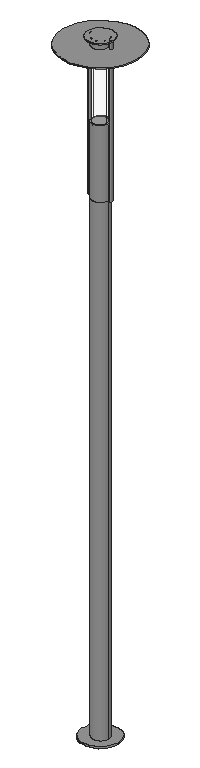
Revit family "svetilnik_alfresco_strit-a_dtu-07_os", category Lighting Fixtures, Revit 2016
Family settings
  Part Type = Normal
  Round Connector Dimension = Use Diameter
  Work Plane-Based = No
  Always vertical = Yes
  Cut with Voids When Loaded = No
  Light Source = Yes
  Shared = No
  Room Calculation Point = No
Parameters (values of type "Стрит А (ДТУ-07, ОС) 35Вт")
  Watermarked By = ""
  built-in parameter 1150104 = 13.8 (stored number, unit not read)
  Цветовая температура = "3000-5500"  # constant formula
  built-in parameter 1150134 = 12
  Photometric Web File = "ДТУ-07-AF Street A 35w.ies"
  Tilt Angle = 90.00°
  Тип продукции = "Комплект(Опора освещения+LED светильник)"  # constant formula
  Тип ПРА = "-"  # constant formula
  Тип КСС = "Sym"  # constant formula
  Тип ИС = "LED-светодиоды"  # constant formula
  Температура эксплуатации = "-35 +40"  # constant formula
  built-in parameter 1150137 = (empty or 0)
  built-in parameter 1150132 = 2
  built-in parameter 1150114 = 1 (stored number, unit not read)
  Dimming Lamp Color Temperature Shift = <None>
  built-in parameter 1150105 = 70 (stored number, unit not read)
  Сечение по фланцу = 240.00 mm
  Color Filter = 16777215
  Lumens = 4200 lm
  Световой поток = 4200 lm
  Разработано = "support@bimlib.ru"  # constant formula
  built-in parameter 1150109 = 1 (stored number, unit not read)
  built-in parameter 1150112 = 1 (stored number, unit not read)
  built-in parameter 1150110 = 1 (stored number, unit not read)
  built-in parameter 1150113 = 1 (stored number, unit not read)
  built-in parameter 1150115 = 1 (stored number, unit not read)
  built-in parameter 1114218 = 1 (stored number, unit not read)
  built-in parameter 1114217 = 1 (stored number, unit not read)
  Apparent Load = ADSK_Номинальная мощность / ADSK_Коэффициент мощности  # 36.0825 VA
  built-in parameter 1150106 = 0.7 (stored number, unit not read)
  Область использования = "Ландшафт, коттедж.поселки,микрорайоны,АЗС, автостоянки"  # constant formula
  built-in parameter 1150133 = 10 (stored number, unit not read)
  Wattage = 28.2748 W
  Материал опоры = Сталь, окрашенная, черная
  built-in parameter 1150139 = (empty or 0)
  Климатическая зона = "УХЛ1"  # constant formula
  Класс пожароопасности = "F (светильники предназначены для установки непосредственно на поверхность из нормально воспламеняемых матеоиалов)"  # constant formula
  Класс Защиты = "1"  # constant formula
  built-in parameter 1150138 = (empty or 0)
  built-in parameter 1150107 = 4000 (stored number, unit not read)
  built-in parameter 1150102 = (empty or 0)
  Emit from Circle Diameter = 90.00 mm
  Manufacturer = "ALFRESCO"  # constant formula
  H1 = 3200.00 mm
  H2 = 900.00 mm
  Emit Shape Visible in Rendering = no
  Блок аварийного питания = no
  URL = "http://www.allfresco.ru/item/DTU-07-AF"
  IP Class = "IP 65"  # constant formula
  Dсв = 90.00 mm
  Dоп = 108.00 mm
  ADSK_Энергоэффективность = 120 lm/W  # constant formula
  ADSK_Ток = ADSK_Номинальная мощность / (ADSK_Коэффициент мощности * ADSK_Напряжение * sqrt(ADSK_Количество фаз числовое))  # 0.115973 A
  ADSK_Размер_Ширина = 500.00 mm
  ADSK_Размер_Длина = 500.00 mm
  ADSK_Размер_Высота = 4150.00 mm
  ADSK_Примечание [instance] = ""
  ADSK_Полная мощность = ADSK_Номинальная мощность / ADSK_Коэффициент мощности  # 36.0825 VA
  ADSK_Позиция [instance] = ""
  ADSK_Номинальная мощность = 35 W
  ADSK_Напряжение = 220 V
  ADSK_Наименование = "Стрит А (ДТУ-07, ОС) 35Вт - св-к СТРИТ-А ДТУ-07-AF (02) на опоре ОС 3,2(d108) ЧМ"
  ADSK_Модель = "Стрит-А(ДТУ-07, ОС)"  # constant formula
  ADSK_Масса = 38
  ADSK_Коэффициент мощности = 0.97  # constant formula
  ADSK_Количество фаз числовое = 2
  ADSK_Количество фаз = 2
  ADSK_Код изделия = ""
  ADSK_Классификация нагрузок = Освещение
  ADSK_Завод-изготовитель [instance] = "ALFRESCO"
  ADSK_Единица измерения = "шт"  # constant formula
  ADSK_Артикул = "1105001650"
Types (3, lengths in mm): name | Photometric Web File | built-in parameter 1150105 | Lumens | Световой поток | Apparent Load | built-in parameter 1150106 | Wattage | ADSK_Ток | ADSK_Полная мощность | ADSK_Номинальная мощность | ADSK_Наименование | ADSK_Артикул
  (no name) | "ДТУ-07-AF Street A 35w.ies" | 70 (stored number, unit not read) | 4200 lm | 4200 lm | 36.0825 VA | 0.7 (stored number, unit not read) | 28.2748 W | 0.115973 A | 36.0825 VA | 35 W | "Стрит А (ДТУ-07, ОС) 35Вт - св-к СТРИТ-А ДТУ-07-AF (02) на опоре ОС 3,2(d108) ЧМ" | "1105001650"
  Стрит А (ДТУ-07, ОС) 35Вт | "ДТУ-07-AF Street A 35w.ies" | 70 (stored number, unit not read) | 4200 lm | 4200 lm | 36.0825 VA | 0.7 (stored number, unit not read) | 28.2748 W | 0.115973 A | 36.0825 VA | 35 W | "Стрит А (ДТУ-07, ОС) 35Вт - св-к СТРИТ-А ДТУ-07-AF (02) на опоре ОС 3,2(d108) ЧМ" | "1105001650"
  Стрит А (ДТУ-07, ОС) 50Вт | "ДТУ-07-AF Street A 50w.ies" | 100 (stored number, unit not read) | 6000 lm | 6000 lm | 51.5464 VA | 1 (stored number, unit not read) | 40.3926 W | 0.165676 A | 51.5464 VA | 50 W | "Стрит А (ДТУ-07, ОС) 50Вт - св-к СТРИТ-А ДТУ-07-AF (02) на опоре ОС 3,2(d108) ЧМ" | "1105001660"
Reference planes
  plane 1 "По центру (Вперед/Назад)": y = 0
  plane 2: z = 0
  plane 3 "По центру (Влево/Вправо)": x = 0
  plane 4: z = 4150
  plane 5: z = 3200
  plane 6: y = 250
  plane 7: y = -250
  plane 8: z = 4100
Forms (mm)
  Extrusion 1, solid, material "Сталь, окрашенная, черная" <- "Материал опоры", detail levels medium+fine
    sketch origin (0, 0, 0) x (1, 0, 0) y (0, 1, 0)
      loop
        circle (0, 0) r 120
    from 0 to 10
  Extrusion 2, solid, material "Сталь, окрашенная, черная" <- "Материал опоры", detail levels medium+fine
    sketch origin (0, 0, 0) x (1, 0, 0) y (0, 1, 0)
      loop
        circle (0, 0) r 54
    from 0 to 3200
  Extrusion 3, solid, material "Плафон самосвечение", detail levels medium+fine
    sketch origin (0, 0, 0) x (1, 0, 0) y (0, 1, 0)
      loop
        circle (0, 0) r 45
    from 3650 to 4100
  Extrusion 4, solid, material "Сталь, окрашенная, черная" <- "Материал опоры", detail levels medium+fine
    sketch origin (0, 0, 0) x (1, 0, 0) y (0, 1, 0)
      loop
        circle (0, 0) r 54
    from 4100 to 4150
  Extrusion 5, solid, material "Сталь, окрашенная, черная" <- "Материал опоры", detail levels medium+fine
    sketch origin (-50, -1524, 4100) x (-1, 0, 0) y (0, -1, 0)
      loop
        circle (-50, -1524) r 250
    from 0 to 5
  Extrusion 6, solid, material "Сталь, окрашенная, черная" <- "Материал опоры", detail levels medium+fine
    sketch origin (1839.148, -1524, 3200) x (0, -1, 0) y (-1, 0, 0)
      loop
        circle (-1524, 1769.148) r 8
      loop
        circle (-1524, 1909.148) r 8
    from 0 to -950
  Extrusion 7, solid, material "Сталь, окрашенная, черная" <- "Материал опоры", detail levels medium+fine
    sketch origin (1839.148, -1524, 3200) x (0, -1, 0) y (-1, 0, 0)
      loop
        circle (-1524, 1839.148) r 54
    from -450 to 0
  Extrusion 8, solid, material "Сталь, окрашенная, черная" <- "Материал опоры", detail levels medium+fine
    sketch origin (0, 0, 0) x (1, 0, 0) y (0, 0, 1)
      loop
        line (69.917, 3200) -> (69.917, 3210) -> (-70.083, 3210) -> (-70.083, 3200) -> (69.917, 3200)
      loop
        line (69.917, 3430) -> (69.917, 3440) -> (-70.083, 3440) -> (-70.083, 3430) -> (69.917, 3430)
    from -5 to 5
  Extrusion 9, solid, material "Сталь, окрашенная, черная" <- "Материал опоры", detail levels medium+fine
    sketch origin (-50, -1524, 4150) x (-1, 0, 0) y (0, -1, 0)
      loop
        circle (-50, -1524) r 85
    from 0 to 3
Cuts and joins
  joined: Extrusion 4, Extrusion 5, Extrusion 6, Extrusion 7, Extrusion 8, Extrusion 9
Lines and regions (mm)
  symbolic lines, style "LightingFixtures"
    curve 1: circle (0, 0, 0) r 250 normal (0, 0, 1)
    curve 2: line (-120, 219.317, 0) -> (-120, -219.317, 0)
    curve 3: line (120, 219.317, 0) -> (120, -219.317, 0)
  model lines, detail levels coarse
    curve 4: line (0, 0, 0) -> (0, 0, 4153)
    curve 5: circle (0, 0, 4105) r 250 normal (0, 0, 1)
Dimensions and locks
  "ADSK_Размер_Высота": plane 4 to plane 2
  "H1": plane 5 to level
  equal spacing: plane 6, plane 1 "По центру (Вперед/Назад)", plane 7
  "ADSK_Размер_Ширина": plane 6 to plane 7
  "H2": plane 8 to plane 5
  "Сечение по фланцу": diameter of Extrusion 1 sketch curve
  diameter of Extrusion 2 = 108.00 mm
  "Dоп": diameter of Extrusion 4 sketch curve
  "Dоп": diameter of Extrusion 2 sketch curve
  "Dсв": diameter of Extrusion 3 sketch curve
  aligned and locked: level to plane 2
  aligned and locked: plane 1 "По центру (Вперед/Назад)" to imposter light
  aligned and locked: Extrusion 2 to plane 5
  aligned and locked: Extrusion 2 to level
  aligned and locked: Extrusion 1 to level
  aligned and locked: plane 8 to Extrusion 3
  aligned and locked: plane 4 to Extrusion 4
  aligned and locked: Extrusion 4 to plane 8
  aligned and locked: imposter light to plane 3 "По центру (Влево/Вправо)"
  aligned and locked: plane 4 to Extrusion 6
  aligned and locked: Extrusion 7 sketch curve to Extrusion 2  (x2)
  aligned and locked: Extrusion 7 to Extrusion 3
  aligned and locked: plane 5 to Extrusion 7
  aligned and locked: plane 8 to imposter light
Automatic sketch dimensions
  plane 1 "По центру (Вперед/Назад)" to Extrusion 5 sketch curve = 0.00 mm
  Extrusion 5 sketch curve to plane 3 "По центру (Влево/Вправо)" = 0.00 mm
  plane 1 "По центру (Вперед/Назад)" to Extrusion 6 sketch curve = 0.00 mm  (x2)
  Extrusion 6 sketch curve to plane 3 "По центру (Влево/Вправо)" = 70.00 mm
  plane 3 "По центру (Влево/Вправо)" to Extrusion 6 sketch curve = 70.00 mm
  Extrusion 8 sketch curve to plane 5 = 0.00 mm
  Extrusion 8 sketch curve to plane 3 "По центру (Влево/Вправо)" = 70.083 mm  (x2)
  plane 3 "По центру (Влево/Вправо)" to Extrusion 8 sketch curve = 69.917 mm  (x2)
  Extrusion 8 sketch curve to plane 5 = 10.00 mm
  Extrusion 8 sketch curve to Extrusion 8 sketch curve = 220.00 mm
  Extrusion 8 sketch curve to Extrusion 8 sketch curve = 10.00 mm
  plane 1 "По центру (Вперед/Назад)" to Extrusion 9 sketch curve = 0.00 mm
  Extrusion 9 sketch curve to plane 3 "По центру (Влево/Вправо)" = 0.00 mm
  plane 1 "По центру (Вперед/Назад)" to Extrusion 1 sketch curve = 0.00 mm
  Extrusion 1 sketch curve to plane 3 "По центру (Влево/Вправо)" = 0.00 mm
  plane 1 "По центру (Вперед/Назад)" to Extrusion 2 sketch curve = 0.00 mm
  Extrusion 2 sketch curve to plane 3 "По центру (Влево/Вправо)" = 0.00 mm
  plane 1 "По центру (Вперед/Назад)" to Extrusion 3 sketch curve = 0.00 mm
  Extrusion 3 sketch curve to plane 3 "По центру (Влево/Вправо)" = 0.00 mm
  plane 1 "По центру (Вперед/Назад)" to Extrusion 4 sketch curve = 0.00 mm
  Extrusion 4 sketch curve to plane 3 "По центру (Влево/Вправо)" = 0.00 mm
  plane 3 "По центру (Влево/Вправо)" to curve 1 = 0.00 mm
  plane 6 to curve 1 = 250.00 mm
  curve 2 to curve 1 = 120.00 mm
  curve 2 to curve 1 = 219.317 mm
  curve 2 to curve 3 = 0.00 mm
  curve 4 to plane 3 "По центру (Влево/Вправо)" = 0.00 mm
  curve 4 to level = 0.00 mm
  plane 4 to curve 4 = 3.00 mm
  radius of Extrusion 5 sketch curve = 250.00 mm
  radius of Extrusion 6 sketch curve = 8.00 mm  (x2)
  radius of Extrusion 9 sketch curve = 85.00 mm
  radius of curve 5 to Extrusion 5 = 0.00 mm
Connectors
  electrical at (0, 0, 0), driven by "ADSK_Количество фаз", driven by "ADSK_Классификация нагрузок", driven by "ADSK_Напряжение", driven by "Apparent Load", driven by "ADSK_Коэффициент мощности"
    settings: on Extrusion 2, index 1, voltage 220 V, apparent load 36.0825 VA, apparent load phase1 0 VA, apparent load phase2 0 VA, apparent load phase3 0 VA, power factor 0.97, load classification "Освещение", number of poles 2, system type 30, power factor state 1, is connector primary yes, connector utility no, sub classification motor no, connector description ""
